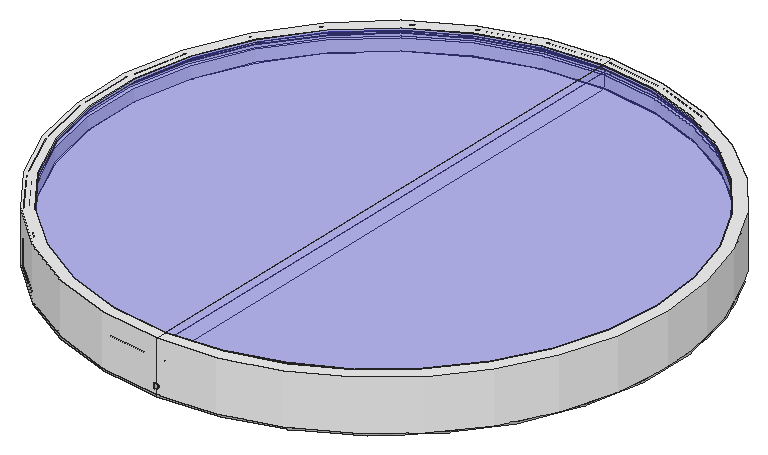
Revit family "BE_34067.1_de_DE", category Leuchten, Revit 2020
Family settings
  Basisbauteil = Fläche
  Bemaßung runder Anschluss = Durchmesser verwenden
  Teiletyp = Normal
  Beim Laden mit Abzugskörper schneiden = Ja
  Lichtquelle = Ja
  Gemeinsam genutzt = Nein
  Raumberechnungspunkt = Ja
Parameters (values of type "BEGA_34067.1_K3")
  built-in parameter 1150104 = 16.072 (stored number, unit not read)
  Wattage = 104 W
  Default Elevation = 0 mm
  built-in parameter 1150113 = 1 (stored number, unit not read)
  built-in parameter 1114218 = 1 (stored number, unit not read)
  Umgebungstemperatur = "25 °C"
  URL = "http://www.bega.de/de/produkt/34067.1"
  Typenkommentare = "© 2022 BEGA. Wir behalten uns das Recht vor, technische Änderungen ohne vorherige Ankündigung vorzunehmen."  # constant formula
  built-in parameter 1150134 = 12
  built-in parameter 1150109 = 1 (stored number, unit not read)
  Strom = ""
  built-in parameter 1150110 = 1 (stored number, unit not read)
  Spannung = 239.996 V
  Sonderanfertigung = no
  Seriennummer [instance] = "Hier können Sie die eindeutige Seriennummer für das Facility Management eintragen."
  Schutzklasse = "I"
  Schutzart = "IP 20"
  Scheinlast = 0 VA
  Produktdatenblatt = "http://www.bega.de/download/Xrfa/db/34067.1.db.de.pdf"
  Oberflächentemperatur = ""
  Neigungswinkel = 0.00°
  Model = "34067.1K4"
  Material_17 = BEGA_Reflektor
  Material_15 = BEGA_Leuchtmedium_matt
  Material_11 = BEGA_Glas_opal
  Material_09 = BEGA_Glas_klar
  Material_06 = BEGA_Oberfläche_Edelstahl_gebürstet
  Material_03 = BEGA_Oberfläche_Weiss_matt
  Material_02 = BEGA_Oberfläche_Silber_matt
  Material_01 [instance] = BEGA_Oberfläche_Grafit_matt
  M_W = no
  M_G = no
  M_A = no
  Logo = 0
  built-in parameter 1114217 = 1 (stored number, unit not read)
  built-in parameter 1150139 = (empty or 0)
  built-in parameter 1150105 = 1431.8 (stored number, unit not read)
  built-in parameter 1150114 = 1 (stored number, unit not read)
  Lumens = 17992 lm
  built-in parameter 1150115 = 1 (stored number, unit not read)
  Leuchtenlichtstrom = "10602 lm"
  Leuchtenanzahl = ""
  Lebensdauerkriterien = "L70B50 @ 25 °C = 500000 h"
  Lastklassifizierung = Beleuchtung
  built-in parameter 1150112 = 1 (stored number, unit not read)
  Lampenlichtstrom = "17960 lm"
  Lamp = "LED 104 W"
  LED_Modulbezeichnung = "8x LED-0845/930"
  Hersteller = "BEGA"  # constant formula
  Halbstreuwinkel = ""
  Gewicht = "22.4 kg"
  Gebrauchslageneinschränkung [instance] = ""
  Frequenz = "0/50-60 Hz"
  Farbwiedergabeindex = "CRI > 90"
  Farbtemperaturverschiebung bei Dämpfen der Lampe = <Keine Auswahl>
  Farbtemperatur = "4000 K"
  Color Filter = 16777215
  built-in parameter 1150133 = 10 (stored number, unit not read)
  Energieeffizienzklasse = "LED A++ - A"
  built-in parameter 1150137 = (empty or 0)
  built-in parameter 1150132 = (empty or 0)
  ENEC = ""
  Dimmbar [instance] = "DALI"
  Photometric Web File = "BE_34067K4.IES"
  CE_Konformität = "ja"
  Bestellnummer = "34067.1K4"
  Beschreibung_Sonderanfertigung = "Hier können Sie Informationen zur Sonderanfertigung eintragen."
  Beschreibung = "Decken- und Wandleuchte"
  built-in parameter 1150106 = 14.318 (stored number, unit not read)
  Befestigungsbohrung = ""
  Befestigungsabstand = ""
  Ballwurfsicher = ""
  BEGA_Intern_aus = yes
  BEGA_Intern_an = yes
  BEGA_Intern_Konstruktion = yes
  BEGA_Intern = yes
  BEGA_IES = yes
  BEGA_Dummy = no
  Anschlussleitung = ""
  Anschlussleistung [instance] = "118 W"
  Anschlusskasten = ""
  built-in parameter 1150107 = 4000 (stored number, unit not read)
  built-in parameter 1150102 = (empty or 0)
  built-in parameter 1150138 = (empty or 0)
  Aktualisierung = "2019-10-09T04:00:11"
  Abstand_zur_angestrahlten_Fläche [instance] = ""
  AC/DC = "AC/DC"
Reference planes
  plane 1 "Mitte (Vorne/Hinten)": y = 0
  plane 2: z = 0
  plane 3 "Mitte (Links/Rechts)": x = 0
  plane 4 "Links": x = -375
  plane 5 "Rechts": x = 375
  plane 6 "Unten": y = -375
  plane 7 "Oben": y = 375
  plane 8 "Vorne": z = 75.2
  plane 9 "Hinten": z = 0
Forms (mm)
  Extrusion 1, solid, material "BEGA_Platte_Weiss"
    sketch origin (0, -1119.2, 0) x (1, 0, 0) y (0, 1, 0)
      loop
        line (-200, 1319.2) -> (-200, 919.2) -> (200, 919.2) -> (200, 1319.2) -> (-200, 1319.2)
    from 0 to -10
  Extrusion 2, solid, material "BEGA_Dummy_matt", visible <- "BEGA_Dummy"
    sketch origin (77.149, -76.023, 0) x (1, 0, 0) y (0, 1, 0)
      loop
        circle (-77.149, 76.023) r 375
    from 0 to 75
Dimensions and locks
  plane 1 "Mitte (Vorne/Hinten)" to Extrusion 1 = 200 mm
  aligned and locked: plane 2 to Extrusion 1
  aligned and locked: level to Extrusion 1
Nested families
  nested 1: "BE_34067.1" at (0, 0, 0) x (0, 1, 0) z (0, 0, 1), type "BE_34067.1"
Connectors
  electrical at (0, 0, 0), driven by "Lastklassifizierung", driven by "Spannung", driven by "Scheinlast"
    settings: index 1, voltage 239.996 V, apparent load 0 VA, apparent load phase1 0 VA, apparent load phase2 0 VA, apparent load phase3 0 VA, power factor 1, load classification "Beleuchtung", number of poles 1, system type 31, power factor state 1, is connector primary yes, connector utility no, sub classification motor no, connector description ""
Definition of nested family "BE_34067.1"
  Parameters (values of type "BE_34067.1")
    Default Elevation = 1 mm
    URL = "http://www.bega.de/de/produkt"
    Type Comments = "© 2015 BEGA. Wir behalten uns das Recht vor, technische Änderungen ohne vorherige Ankündigung vorzunehmen. "  # constant formula
    Type Image = (empty or 0)
    Neigungswinkel_um_Z2 = 0.00°
    Neigungswinkel_um_Z1 = 0.00°
    Neigungswinkel_um_Y2 = 0.00°
    Neigungswinkel_um_Y1 = 0.00°
    Neigungswinkel_um_X2 = 0.00°
    Neigungswinkel_um_X1 = 0.00°
    Material_17 = none
    Material_15 = none
    Material_11 = none
    Material_09 = none
    Material_06 = none
    Material_05 = none
    Material_03 = none
    Material_02 = none
    Material_01 = none
    M_W = yes
    M_G = yes
    M_A = yes
    Länge_Platte = 1000 mm  # constant formula
    Höhe_Platte = -10 mm  # constant formula
    Manufacturer = "BEGA"  # constant formula
    Drehwinkel_um_Z2 = 0.00°
    Drehwinkel_um_Z1 = 0.00°
    Breite_Platte = 1000 mm  # constant formula
  Reference planes
    plane 1 "Mitte (Oben/Unten)": y = 0
    plane 2: z = 0
    plane 3 "Mitte (Links/Rechts)": x = 0
    plane 4: x = -375
    plane 5: x = 375
    plane 6: z = 75.2
    plane 7: y = -375
    plane 8: y = 375
  Forms (mm)
    Extrusion 1, solid, detail levels medium
      sketch origin (0, 0, 0) x (1, 0, 0) y (0, 1, 0)
        loop
          line (-500, 500) -> (-500, -500) -> (500, -500) -> (500, 500) -> (-500, 500)
      from 0 to -10 <- "Höhe_Platte"
    Extrusion 2, solid, material <- "Material_03", detail levels medium+fine
      sketch origin (0, 0, 0) x (1, 0, 0) y (0, 0, 1)
        loop
          line (-331.1, 37.3) -> (-334.1, 37.3) -> (-334.1, 8)
          arc (-334.1, 8) -> (-332.928, 5.172) -> (-330.1, 4) r 4
          line (-330.1, 4) -> (344.9, 4) -> (344.9, 7) -> (-330.1, 7)
          arc (-330.1, 7) -> (-330.807, 7.293) -> (-331.1, 8) r 1
          line (-331.1, 8) -> (-331.1, 37.3)
      from -68 to 68
    Revolve 3, solid, material <- "Material_03", detail levels medium+fine
      sketch origin (127.65, 0, 0) x (1, 0, 0) y (0, 0, 1)
        loop
          line (165.473, 4.3) -> (170.908, 0) -> (174.5, 0) -> (174.5, 3.044) -> (171.895, 3.044) -> (166.6, 7.3) -> (163.018, 7.3) -> (163.018, 4.3) -> (165.473, 4.3)
        axis (177.25, 0) -> (177.25, 7.3)
      angle from 0 to 360
    Revolve 4, solid, material <- "Material_03", detail levels medium+fine
      sketch origin (77.65, 30, 0) x (1, 0, 0) y (0, 0, 1)
        loop
          line (165.473, 4.3) -> (170.908, 0) -> (174.5, 0) -> (174.5, 3.044) -> (171.895, 3.044) -> (166.6, 7.3) -> (163.018, 7.3) -> (163.018, 4.3) -> (165.473, 4.3)
        axis (177.25, 0) -> (177.25, 7.3)
      angle from 0 to 360
    Revolve 5, solid, material <- "Material_03", detail levels medium+fine
      sketch origin (77.65, -30, 0) x (1, 0, 0) y (0, 0, 1)
        loop
          line (165.473, 4.3) -> (170.908, 0) -> (174.5, 0) -> (174.5, 3.044) -> (171.895, 3.044) -> (166.6, 7.3) -> (163.018, 7.3) -> (163.018, 4.3) -> (165.473, 4.3)
        axis (177.25, 0) -> (177.25, 7.3)
      angle from 0 to 360
    Revolve 6, solid, material <- "Material_03", detail levels medium+fine
      sketch origin (-357.35, 0, 0) x (1, 0, 0) y (0, 0, 1)
        loop
          line (165.473, 4.3) -> (170.908, 0) -> (174.5, 0) -> (174.5, 3.044) -> (171.895, 3.044) -> (166.6, 7.3) -> (163.018, 7.3) -> (163.018, 4.3) -> (165.473, 4.3)
        axis (177.25, 0) -> (177.25, 7.3)
      angle from 0 to 360
    Revolve 7, solid, material <- "Material_03", detail levels medium+fine
      sketch origin (-482.35, -40, 0) x (1, 0, 0) y (0, 0, 1)
        loop
          line (165.473, 4.3) -> (170.908, 0) -> (174.5, 0) -> (174.5, 3.044) -> (171.895, 3.044) -> (166.6, 7.3) -> (163.018, 7.3) -> (163.018, 4.3) -> (165.473, 4.3)
        axis (177.25, 0) -> (177.25, 7.3)
      angle from 0 to 360
    Revolve 8, solid, material <- "Material_03", detail levels medium+fine
      sketch origin (-482.35, 40, 0) x (1, 0, 0) y (0, 0, 1)
        loop
          line (165.473, 4.3) -> (170.908, 0) -> (174.5, 0) -> (174.5, 3.044) -> (171.895, 3.044) -> (166.6, 7.3) -> (163.018, 7.3) -> (163.018, 4.3) -> (165.473, 4.3)
        axis (177.25, 0) -> (177.25, 7.3)
      angle from 0 to 360
    Revolve 9, solid, material <- "Material_03", detail levels medium+fine
      sketch origin (0, 0, 0) x (1, 0, 0) y (0, 0, 1)
        loop
          line (-360, 72.2) -> (-360, 75.2) -> (-375, 75.2) -> (-375, 8.7)
          arc (-375, 8.7) -> (-373.975, 6.225) -> (-371.5, 5.2) r 3.5
          arc (-371.5, 5.2) -> (-370.892, 5.253) -> (-370.303, 5.411) r 3.5
          line (-370.303, 5.411) -> (-366.5, 6.795) -> (-367.526, 9.614) -> (-371.329, 8.23)
          arc (-371.329, 8.23) -> (-371.787, 8.29) -> (-372, 8.7) r 0.5
          line (-372, 8.7) -> (-372, 71.2)
          arc (-372, 71.2) -> (-371.707, 71.907) -> (-371, 72.2) r 1
          line (-371, 72.2) -> (-360, 72.2)
        axis (0, 5.2) -> (0, 75.2)
      angle from 0 to 360
    Revolve 10, solid, material <- "Material_03", detail levels medium+fine
      sketch origin (0, 0, 0) x (1, 0, 0) y (0, 0, 1)
        loop
          line (-366, 62.2) -> (-366, 46.884)
          arc (-366, 46.884) -> (-364.642, 43.777) -> (-361.501, 42.5) r 4.5
          line (-361.501, 42.5) -> (0, 42.5) -> (0, 46.5) -> (-361.5, 46.5)
          arc (-361.5, 46.5) -> (-361.854, 46.646) -> (-362, 47) r 0.5
          line (-362, 47) -> (-362, 62.2) -> (-366, 62.2)
        axis (0, 42.5) -> (0, 62.2)
      angle from 0 to 360
    Revolve 11, solid, material <- "Material_11", detail levels medium+fine
      sketch origin (0, 0, 0) x (1, 0, 0) y (0, 0, 1)
        loop
          arc (-359, 71.2) -> (-359.146, 70.846) -> (-359.5, 70.7) r 0.5
          line (-359.5, 70.7) -> (-366, 70.7) -> (-366, 65) -> (0, 65) -> (0, 75) -> (-359, 75) -> (-359, 71.2)
        axis (0, 65) -> (0, 75)
      angle from 0 to 360
    Extrusion 12, void
      sketch origin (0, 0, 0) x (1, 0, 0) y (0, 1, 0)
        loop
          circle (-111.1, -42) r 9.198
        loop
          circle (-143.1, -42) r 9.198
      from 0 to 11.8
    Revolve 13, void
      sketch origin (0, 0, 0) x (1, 0, 0) y (0, 0, 1)
        loop
          line (-368.11, 22.7) -> (-376.18, 22.7) -> (-376.18, 18.7) -> (-368.11, 18.7) -> (-368.11, 22.7)
        axis (-376.18, 18.7) -> (-368.11, 18.7)
      angle from 0 to 360
    Revolve 14, solid, material <- "Material_06", detail levels fine
      sketch origin (0, 0, 0) x (1, 0, 0) y (0, 0, 1)
        loop
          line (-372, 21.95) -> (-375, 21.45) -> (-375, 18.7) -> (-326.392, 18.7) -> (-326.392, 21.95) -> (-353, 21.95) -> (-359.7, 24.7) -> (-372, 24.7) -> (-372, 21.95)
        axis (-375, 18.7) -> (-326.392, 18.7)
      angle from 0 to 360
  Cuts and joins
    Extrusion 12 cuts Extrusion 2
    Extrusion 12 cuts Revolve 3
    Extrusion 12 cuts Revolve 4
    Extrusion 12 cuts Revolve 5
    Extrusion 12 cuts Revolve 6
    Extrusion 12 cuts Revolve 7
    Extrusion 12 cuts Revolve 8
    Extrusion 12 cuts Revolve 10
    joined: Extrusion 2, Revolve 3, Revolve 4, Revolve 5, Revolve 6, Revolve 7, Revolve 8, Revolve 10
    Revolve 13 cuts Revolve 9
  Dimensions and locks
    equal spacing: Extrusion 1 sketch curve, plane 3 "Mitte (Links/Rechts)", Extrusion 1 sketch curve
    equal spacing: Extrusion 1 sketch curve, plane 1 "Mitte (Oben/Unten)", Extrusion 1 sketch curve
    "Länge_Platte": Extrusion 1 sketch curve to Extrusion 1 sketch curve
    "Breite_Platte": Extrusion 1 sketch curve to Extrusion 1 sketch curve
    aligned and locked: Extrusion 1 to plane 2
    aligned and locked: level to Extrusion 1
  Automatic sketch dimensions
    Revolve 3 sketch curve to level = 0 mm
    level to Revolve 3 sketch curve = 4.3 mm
    Revolve 3 sketch curve to Revolve 3 sketch curve = 2.456 mm
    Revolve 3 sketch curve to Revolve 3 sketch curve = 1.127 mm
    Revolve 3 sketch curve to Revolve 3 sketch curve = 5.434 mm
    Revolve 3 sketch curve to Revolve 3 sketch curve = 0.988 mm
    Revolve 3 sketch curve to Revolve 3 sketch curve = 3.592 mm
    Revolve 3 sketch curve to Revolve 3 sketch curve = 3.044 mm
    Revolve 3 sketch curve to Revolve 3 sketch curve = 3 mm
    Revolve 3 sketch curve to Revolve 3 sketch curve = 2.75 mm
    Revolve 3 sketch curve to level = 1.26 mm
    Revolve 3 sketch curve to Revolve 3 sketch curve = 2.283 mm
    Revolve 4 sketch curve to level = 0 mm
    level to Revolve 4 sketch curve = 4.3 mm
    Revolve 4 sketch curve to Revolve 4 sketch curve = 2.456 mm
    Revolve 4 sketch curve to Revolve 4 sketch curve = 1.127 mm
    Revolve 4 sketch curve to Revolve 4 sketch curve = 5.434 mm
    Revolve 4 sketch curve to Revolve 4 sketch curve = 0.988 mm
    Revolve 4 sketch curve to Revolve 4 sketch curve = 3.592 mm
    Revolve 4 sketch curve to Revolve 4 sketch curve = 3.044 mm
    Revolve 4 sketch curve to Revolve 4 sketch curve = 3 mm
    Revolve 4 sketch curve to Revolve 4 sketch curve = 2.75 mm
    Revolve 4 sketch curve to level = 1.26 mm
    Revolve 4 sketch curve to Revolve 4 sketch curve = 2.283 mm
    Revolve 5 sketch curve to level = 0 mm
    level to Revolve 5 sketch curve = 4.3 mm
    Revolve 5 sketch curve to Revolve 5 sketch curve = 2.456 mm
    Revolve 5 sketch curve to Revolve 5 sketch curve = 1.127 mm
    Revolve 5 sketch curve to Revolve 5 sketch curve = 5.434 mm
    Revolve 5 sketch curve to Revolve 5 sketch curve = 0.988 mm
    Revolve 5 sketch curve to Revolve 5 sketch curve = 3.592 mm
    Revolve 5 sketch curve to Revolve 5 sketch curve = 3.044 mm
    Revolve 5 sketch curve to Revolve 5 sketch curve = 3 mm
    Revolve 5 sketch curve to Revolve 5 sketch curve = 2.75 mm
    Revolve 5 sketch curve to level = 1.26 mm
    Revolve 5 sketch curve to Revolve 5 sketch curve = 2.283 mm
    Revolve 6 sketch curve to level = 0 mm
    level to Revolve 6 sketch curve = 4.3 mm
    Revolve 6 sketch curve to plane 3 "Mitte (Links/Rechts)" = 194.332 mm
    Revolve 6 sketch curve to Revolve 6 sketch curve = 2.456 mm
    Revolve 6 sketch curve to Revolve 6 sketch curve = 1.127 mm
    Revolve 6 sketch curve to Revolve 6 sketch curve = 5.434 mm
    Revolve 6 sketch curve to Revolve 6 sketch curve = 0.988 mm
    Revolve 6 sketch curve to Revolve 6 sketch curve = 3.592 mm
    Revolve 6 sketch curve to Revolve 6 sketch curve = 3.044 mm
    Revolve 6 sketch curve to Revolve 6 sketch curve = 3 mm
    Revolve 6 sketch curve to Revolve 6 sketch curve = 2.75 mm
    Revolve 6 sketch curve to level = 1.26 mm
    Revolve 6 sketch curve to Revolve 6 sketch curve = 2.283 mm
    Revolve 7 sketch curve to level = 0 mm
    Revolve 7 sketch curve to Revolve 7 sketch curve = 2.456 mm
    Revolve 7 sketch curve to Revolve 7 sketch curve = 1.127 mm
    Revolve 7 sketch curve to Revolve 7 sketch curve = 5.434 mm
    Revolve 7 sketch curve to Revolve 7 sketch curve = 0.988 mm
    Revolve 7 sketch curve to Revolve 7 sketch curve = 3.592 mm
    Revolve 7 sketch curve to Revolve 7 sketch curve = 3.044 mm
    level to Revolve 7 sketch curve = 4.3 mm
    Revolve 7 sketch curve to Revolve 7 sketch curve = 3 mm
    Revolve 7 sketch curve to Revolve 7 sketch curve = 2.75 mm
    Revolve 7 sketch curve to level = 1.26 mm
    Revolve 7 sketch curve to Revolve 7 sketch curve = 2.283 mm
    Revolve 8 sketch curve to level = 0 mm
    Revolve 8 sketch curve to Revolve 8 sketch curve = 2.456 mm
    Revolve 8 sketch curve to Revolve 8 sketch curve = 1.127 mm
    Revolve 8 sketch curve to Revolve 8 sketch curve = 5.434 mm
    Revolve 8 sketch curve to Revolve 8 sketch curve = 0.988 mm
    Revolve 8 sketch curve to Revolve 8 sketch curve = 3.592 mm
    Revolve 8 sketch curve to Revolve 8 sketch curve = 3.044 mm
    level to Revolve 8 sketch curve = 4.3 mm
    Revolve 8 sketch curve to Revolve 8 sketch curve = 3 mm
    Revolve 8 sketch curve to Revolve 8 sketch curve = 2.75 mm
    Revolve 8 sketch curve to level = 1.26 mm
    Revolve 8 sketch curve to Revolve 8 sketch curve = 2.283 mm
    Revolve 9 sketch curve to Revolve 9 sketch curve = 0 mm  (x13)
    Revolve 9 sketch curve to plane 3 "Mitte (Links/Rechts)" = 0 mm
    level to Revolve 9 sketch curve = 6.795 mm
    level to Revolve 9 sketch curve = 9.614 mm
    Revolve 9 sketch curve to Revolve 9 sketch curve = 1.026 mm
    Revolve 9 sketch curve to Revolve 9 sketch curve = 11 mm
    Revolve 9 sketch curve to Revolve 9 sketch curve = 3.974 mm
    Revolve 9 sketch curve to Revolve 9 sketch curve = 1 mm
    Revolve 9 sketch curve to Revolve 9 sketch curve = 4 mm
    Revolve 9 sketch curve to Revolve 9 sketch curve = 0.914 mm
    Revolve 9 sketch curve to Revolve 9 sketch curve = 61.586 mm
    Revolve 9 sketch curve to Revolve 9 sketch curve = 3 mm
    level to Revolve 9 sketch curve = 5.411 mm
    Revolve 9 sketch curve to Revolve 9 sketch curve = 1.197 mm  (x2)
    level to Revolve 9 sketch curve = 8.23 mm
    Revolve 9 sketch curve to Revolve 9 sketch curve = 0.171 mm
    level to Revolve 9 sketch curve = 57.5 mm
    Revolve 9 sketch curve to Revolve 9 sketch curve = 25 mm
    Revolve 9 sketch curve to Revolve 9 sketch curve = 0.5 mm
    plane 3 "Mitte (Links/Rechts)" to Revolve 4 sketch curve = 240.668 mm
    plane 3 "Mitte (Links/Rechts)" to Revolve 5 sketch curve = 240.668 mm
    Revolve 11 sketch curve to plane 3 "Mitte (Links/Rechts)" = 0 mm  (x2)
    Revolve 11 sketch curve to Revolve 11 sketch curve = 0.5 mm
    Revolve 11 sketch curve to Revolve 11 sketch curve = 6.5 mm
    Revolve 11 sketch curve to Revolve 11 sketch curve = 3.8 mm
    Revolve 11 sketch curve to Revolve 11 sketch curve = 5.7 mm
    Revolve 11 sketch curve to Revolve 11 sketch curve = 4.7 mm
    Revolve 11 sketch curve to Revolve 11 sketch curve = 9.7 mm
    Extrusion 2 sketch curve to Extrusion 2 sketch curve = 29.3 mm
    level to Extrusion 2 sketch curve = 37.3 mm
    Extrusion 2 sketch curve to Extrusion 2 sketch curve = 1 mm
    Extrusion 2 sketch curve to Extrusion 2 sketch curve = 0 mm  (x2)
    Extrusion 2 sketch curve to Extrusion 2 sketch curve = 3 mm
    Revolve 10 sketch curve to plane 3 "Mitte (Links/Rechts)" = 0 mm  (x2)
    Revolve 10 sketch curve to Revolve 10 sketch curve = 0.002 mm
    Revolve 10 sketch curve to Revolve 10 sketch curve = 0.498 mm
    Revolve 10 sketch curve to Revolve 10 sketch curve = 4 mm
    Revolve 10 sketch curve to Revolve 10 sketch curve = 0 mm
    Revolve 10 sketch curve to Revolve 10 sketch curve = 10.748 mm
    Revolve 10 sketch curve to Revolve 10 sketch curve = 0.137 mm
    Revolve 10 sketch curve to Revolve 10 sketch curve = 0.021 mm
    Revolve 10 sketch curve to Revolve 10 sketch curve = 8.603 mm
    plane 1 "Mitte (Oben/Unten)" to Extrusion 12 sketch curve = 42 mm
    Extrusion 12 sketch curve to Extrusion 12 sketch curve = 32 mm
    Extrusion 12 sketch curve to Extrusion 12 sketch curve = 0 mm
    level to Revolve 13 sketch curve = 18.7 mm
    Revolve 13 sketch curve to Revolve 13 sketch curve = 8.07 mm
    Revolve 13 sketch curve to Revolve 13 sketch curve = 4 mm
    Revolve 13 sketch curve to Revolve 13 sketch curve = 0.493 mm
    Revolve 13 sketch curve to Revolve 13 sketch curve = 1.286 mm
    Revolve 13 sketch curve to Revolve 13 sketch curve = 0 mm
    level to Revolve 14 sketch curve = 21.45 mm
    Revolve 14 sketch curve to Revolve 14 sketch curve = 3 mm
    Revolve 14 sketch curve to Revolve 14 sketch curve = 12.3 mm
    level to Revolve 14 sketch curve = 21.95 mm
    Revolve 14 sketch curve to Revolve 14 sketch curve = 6.7 mm
    Revolve 14 sketch curve to Revolve 14 sketch curve = 26.608 mm
    Revolve 14 sketch curve to Revolve 14 sketch curve = 2.75 mm  (x2)
    Revolve 14 sketch curve to Revolve 14 sketch curve = 0.5 mm
    Revolve 14 sketch curve to Revolve 14 sketch curve = 7 mm
    Revolve 14 sketch curve to Revolve 14 sketch curve = 0 mm  (x2)
    Extrusion 2 sketch curve to plane 3 "Mitte (Links/Rechts)" = 334.1 mm
    Revolve 7 sketch curve to plane 3 "Mitte (Links/Rechts)" = 319.332 mm
    Revolve 8 sketch curve to plane 3 "Mitte (Links/Rechts)" = 319.332 mm
    Revolve 9 sketch curve to plane 3 "Mitte (Links/Rechts)" = 360 mm
    Revolve 10 sketch curve to plane 3 "Mitte (Links/Rechts)" = 361.5 mm
    Revolve 11 sketch curve to Revolve 11 sketch curve = 359 mm
    Extrusion 12 sketch curve to plane 3 "Mitte (Links/Rechts)" = 143.1 mm
    Revolve 13 sketch curve to plane 3 "Mitte (Links/Rechts)" = 376.18 mm
    Revolve 14 sketch curve to plane 3 "Mitte (Links/Rechts)" = 375 mm
    plane 3 "Mitte (Links/Rechts)" to Extrusion 2 sketch curve = 344.9 mm
    plane 3 "Mitte (Links/Rechts)" to Revolve 3 sketch curve = 290.668 mm
    level to Revolve 10 sketch curve = 42.5 mm
    Revolve 10 sketch curve to Revolve 10 sketch curve = 15.2 mm
    level to Revolve 11 sketch curve = 65 mm
    radius of Extrusion 12 sketch curve = 9.198 mm  (x2)
